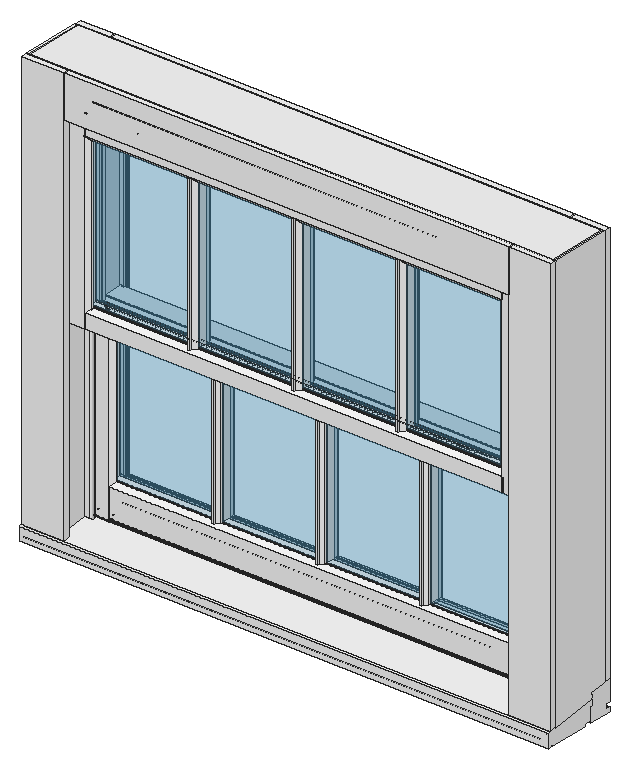
Revit family "B1-44V", category Generic Models, Revit 2012
Parameters (values of type "Window Sill drawing")
  Width = 1250 mm
  Height = 1024 mm
  GlazingPanelMaterial = Glass
  Floor Material = White
Reference planes
  plane 1 "Center (Front/Back)": y = 0
  plane 2: z = 0
  plane 3 "Center (Left/Right)": x = 72
  plane 4: z = 1023.04
  plane 5: x = -800
  plane 6: y = -21.25
  plane 7: y = 152.75
  plane 8: x = -669
  plane 9: y = -21.25
  plane 10: z = 527.56
  plane 11: z = 483.56
  plane 12: z = 923.04
  plane 13: z = 937.04
  plane 14: z = 33
  plane 15: z = 941.04
  plane 16: z = 68
  plane 17: x = 450
  plane 18: x = -419.504
  plane 19: x = -174
  plane 20: z = -98.018
  plane 21: y = 110
  plane 22: y = 110
  plane 23: y = 110
  plane 24: y = 110
  plane 25: y = 110
  plane 26: y = 110
  plane 27: x = -699.921
  plane 28: x = 350
  plane 29: x = 319
  plane 30: x = 368
  plane 31: y = 110
  plane 32: y = 110
  plane 33: y = 110
Forms (mm)
  Extrusion 1, solid, material "White" <- "Floor Material"
    sketch origin (250, 0, 215.855) x (0, 1, 0) y (0, 0, 1)
      loop
        arc (117, 270.705) -> (122.657, 273.048) -> (125, 278.705) r 8
        line (125, 278.705) -> (128, 278.705) -> (128, 283.705) -> (109, 283.705) -> (109, 271.705) -> (112, 271.705) -> (113, 267.705) -> (117, 267.705) -> (117, 270.705)
      loop
        line (105, 279.705) -> (89, 279.705) -> (89, 269.705) -> (105, 269.705) -> (105, 279.705)
      loop
        line (60, 267.705) -> (60, 292.705) -> (54, 292.705) -> (54, 295.705) -> (12, 295.705) -> (12, 311.705) -> (10, 311.705) -> (0, 301.705) -> (0, 267.705) -> (30.175, 267.705) -> (60, 267.705)
      loop
        line (34, 309.705) -> (18, 309.705) -> (18, 299.705) -> (34, 299.705) -> (34, 309.705)
      loop
        arc (55.535, 295.317) -> (54.535, 294.317) -> (55.535, 293.317) r 1
        line (55.535, 293.317) -> (63.035, 293.317) -> (63.035, 297.287) -> (65.092, 294.475)
        arc (65.092, 294.475) -> (66.405, 294.576) -> (66.506, 295.889) r 1.012
        line (66.506, 295.889) -> (63.52, 299.971)
        arc (63.52, 299.971) -> (62.03, 300.495) -> (61.006, 299.293) r 1.396
        line (61.006, 299.293) -> (61.006, 295.317) -> (55.535, 295.317)
    from -917.922 to 69
  Extrusion 2, solid, material "White" <- "Floor Material"
    sketch origin (1015, 13.291, 163.049) x (0, 1, 0) y (0, 0, 1)
      loop
        line (69.709, 336.511) -> (96.209, 336.511) -> (96.209, 364.511) -> (50.709, 364.511) -> (50.709, 359.511) -> (52.709, 349.511) -> (57.709, 349.511) -> (57.709, 339.968) -> (63.93, 339.968) -> (63.93, 336.511) -> (57.709, 336.511) -> (57.709, 320.511) -> (69.709, 320.511) -> (69.709, 336.511)
      loop
        line (53.709, 320.511) -> (53.709, 325.511) -> (51.709, 335.511) -> (46.709, 335.511) -> (46.709, 320.511) -> (53.709, 320.511)
      loop
        line (46.709, 364.511) -> (28.709, 364.511) -> (27.709, 360.511) -> (24.709, 360.511) -> (24.709, 348.511) -> (46.709, 348.511) -> (46.709, 364.511)
      loop
        arc (62.711, 337.238) -> (63.711, 338.238) -> (62.711, 339.238) r 1
        line (62.711, 339.238) -> (55.211, 339.238) -> (55.211, 335.268) -> (53.155, 338.08)
        arc (53.155, 338.08) -> (51.842, 337.979) -> (51.74, 336.666) r 1.012
        line (51.74, 336.666) -> (54.726, 332.584)
        arc (54.726, 332.584) -> (56.216, 332.06) -> (57.241, 333.262) r 1.396
        line (57.241, 333.262) -> (57.241, 337.238) -> (62.711, 337.238)
    from -1684 to -696
  Extrusion 3, solid, material "White" <- "Floor Material"
    sketch origin (865, 123.171, 176.773) x (0, 1, 0) y (0, 0, 1)
      loop
        line (-14.171, 306.296) -> (-10.171, 306.787) -> (-11.171, 310.787) -> (-14.171, 310.787) -> (-14.171, 306.296)
      loop
        line (-38.171, 306.542) -> (-38.171, 309.542) -> (-40.171, 309.787) -> (-40.171, 306.787) -> (-38.171, 306.542)
      loop
        line (-85.171, 351.278) -> (-85.171, 346.787) -> (-82.171, 346.787) -> (-81.171, 350.787) -> (-85.171, 351.278)
      loop
        line (-111.171, 347.787) -> (-109.171, 348.033) -> (-109.171, 351.033) -> (-111.171, 350.787) -> (-111.171, 347.787)
    from -1534 to -546
  Extrusion 4, solid, material "Glass" <- "GlazingPanelMaterial"
    sketch origin (150, 64.106, 220.533) x (0, 1, 0) y (0, 0, 1)
      loop
        line (44.88, -103.528) -> (44.88, 279.027) -> (40.88, 279.027) -> (40.88, -103.528) -> (44.88, -103.528)
      loop
        line (24.88, 279.027) -> (20.88, 279.027) -> (20.88, -103.528) -> (24.88, -103.528) -> (24.88, 279.027)
    from -819 to 169
  Extrusion 5, solid, material "White" <- "Floor Material"
    sketch origin (761.418, 125.498, 522.759) x (0, -0.121869, -0.992546) y (0, 0.992546, -0.121869)
      loop
        line (28.327, -57.65) -> (23.969, -54.354)
        arc (23.969, -54.354) -> (22.506, -54.612) -> (22.765, -56.075) r 1.05
        line (22.765, -56.075) -> (26.332, -58.837)
        arc (26.332, -58.837) -> (26.584, -59.776) -> (25.835, -60.396) r 0.9
        line (25.835, -60.396) -> (19.693, -61.15)
        arc (19.693, -61.15) -> (19.162, -61.383) -> (18.989, -61.936) r 0.7
        line (18.989, -61.936) -> (19.197, -63.633) -> (19.712, -64.398) -> (20.1, -67.562) -> (19.196, -66.76) -> (19.293, -67.554) -> (20.152, -68.225) -> (20.951, -68.183) -> (23.094, -67.324) -> (22.996, -66.53) -> (20.532, -66.978) -> (20.205, -64.315)
        arc (20.205, -64.315) -> (20.389, -63.651) -> (20.989, -63.312) r 0.9
        line (20.989, -63.312) -> (28.761, -62.358)
        arc (28.761, -62.358) -> (29.205, -62.1) -> (29.324, -61.601) r 0.65
        line (29.324, -61.601) -> (28.752, -58.33)
        arc (28.752, -58.33) -> (28.631, -57.932) -> (28.327, -57.65) r 0.798
    from -1430.418 to -1181
  Extrusion 6, solid, material "White" <- "Floor Material"
    sketch origin (911.418, 126.532, 523.994) x (0, -0.121869, -0.992546) y (0, 0.992546, -0.121869)
      loop
        arc (25.38, -55.148) -> (23.778, -55.428) -> (24.057, -57.03) r 1.15
        line (24.057, -57.03) -> (27.62, -59.789)
        arc (27.62, -59.789) -> (27.84, -60.623) -> (27.175, -61.172) r 0.8
        line (27.175, -61.172) -> (20.939, -61.931)
        arc (20.939, -61.931) -> (20.405, -62.232) -> (20.241, -62.823) r 0.8
        line (20.241, -62.823) -> (20.45, -64.52) -> (20.968, -65.312) -> (21.339, -68.337) -> (20.548, -67.635) -> (20.645, -68.429) -> (21.504, -69.1) -> (22.303, -69.058) -> (24.446, -68.2) -> (24.348, -67.406) -> (21.983, -67.835) -> (21.657, -65.178)
        arc (21.657, -65.178) -> (21.82, -64.588) -> (22.353, -64.287) r 0.8
        line (22.353, -64.287) -> (30.127, -63.332)
        arc (30.127, -63.332) -> (30.638, -63.034) -> (30.774, -62.459) r 0.75
        line (30.774, -62.459) -> (30.244, -59.424)
        arc (30.244, -59.424) -> (30.154, -58.918) -> (29.833, -58.516) r 1.042
        line (29.833, -58.516) -> (25.38, -55.148)
    from -1580.418 to -1331
  Extrusion 7, solid, material "White" <- "Floor Material"
    sketch origin (861.418, 121.497, 535.638) x (0, -0.121869, -0.992546) y (0, 0.992546, -0.121869)
      loop
        line (37.899, -55.316) -> (32.161, -55.997)
        arc (32.161, -55.997) -> (31.827, -56.184) -> (31.724, -56.554) r 0.5
        line (31.724, -56.554) -> (32.395, -62.021) -> (31.491, -61.219) -> (31.588, -62.013) -> (32.447, -62.684) -> (33.246, -62.642) -> (35.389, -61.784) -> (35.291, -60.989) -> (32.827, -61.437) -> (32.285, -57.019)
        arc (32.285, -57.019) -> (32.428, -56.659) -> (32.772, -56.479) r 0.558
        line (32.772, -56.479) -> (37.96, -55.818)
        arc (37.96, -55.818) -> (38.179, -55.536) -> (37.899, -55.316) r 0.253
    from -1530.418 to -542.417
  Extrusion 8, solid, material "White" <- "Floor Material"
    sketch origin (-78.582, 5.502, 488.643) x (0, 0.121869, 0.992546) y (0, -0.992546, 0.121869)
      loop
        line (28.327, -57.65) -> (23.969, -54.354)
        arc (23.969, -54.354) -> (22.506, -54.612) -> (22.765, -56.075) r 1.05
        line (22.765, -56.075) -> (26.332, -58.837)
        arc (26.332, -58.837) -> (26.584, -59.776) -> (25.835, -60.396) r 0.9
        line (25.835, -60.396) -> (19.693, -61.15)
        arc (19.693, -61.15) -> (19.162, -61.383) -> (18.989, -61.936) r 0.7
        line (18.989, -61.936) -> (19.197, -63.633) -> (19.712, -64.398) -> (20.1, -67.562) -> (19.196, -66.76) -> (19.293, -67.554) -> (20.152, -68.225) -> (20.951, -68.183) -> (23.094, -67.324) -> (22.996, -66.53) -> (20.532, -66.978) -> (20.205, -64.315)
        arc (20.205, -64.315) -> (20.389, -63.651) -> (20.989, -63.312) r 0.9
        line (20.989, -63.312) -> (28.761, -62.358)
        arc (28.761, -62.358) -> (29.205, -62.1) -> (29.324, -61.601) r 0.65
        line (29.324, -61.601) -> (28.752, -58.33)
        arc (28.752, -58.33) -> (28.631, -57.932) -> (28.327, -57.65) r 0.798
    from -590.418 to 397.583
  Extrusion 9, solid, material "White" <- "Floor Material"
    sketch origin (736.418, 9.503, 475.765) x (0, 0.121869, 0.992546) y (0, -0.992546, 0.121869)
      loop
        line (37.899, -55.316) -> (32.161, -55.997)
        arc (32.161, -55.997) -> (31.827, -56.184) -> (31.724, -56.554) r 0.5
        line (31.724, -56.554) -> (32.395, -62.021) -> (31.491, -61.219) -> (31.588, -62.013) -> (32.447, -62.684) -> (33.246, -62.642) -> (35.389, -61.784) -> (35.291, -60.989) -> (32.827, -61.437) -> (32.285, -57.019)
        arc (32.285, -57.019) -> (32.428, -56.659) -> (32.772, -56.479) r 0.558
        line (32.772, -56.479) -> (37.96, -55.818)
        arc (37.96, -55.818) -> (38.179, -55.536) -> (37.899, -55.316) r 0.253
    from -1405.418 to -417.417
  Extrusion 10, solid, material "White" <- "Floor Material"
    sketch origin (815, 0, 215.855) x (0, 1, 0) y (0, 0, 1)
      loop
        line (38, 299.705) -> (12, 299.705) -> (12, 295.705) -> (38, 295.705) -> (38, 299.705)
      loop
        line (109, 283.705) -> (83, 283.705) -> (83, 279.705) -> (109, 279.705) -> (109, 283.705)
    from -1484 to -1234.582
  Extrusion 11, solid, not visible
    sketch origin (0, 0, 9.375) x (0, 1, 0) y (0, 0, 1)
      loop
        line (94.662, 311.911) -> (94.314, 312.868) -> (95.314, 312.868) -> (93.454, 317.977) -> (86.115, 317.977) -> (85.011, 317.575) -> (64.143, 317.575) -> (64.143, 311.911) -> (94.662, 311.911)
    from 0 to 250
  Extrusion 12, solid, not visible
    sketch origin (0, 0, 9.375) x (0, 1, 0) y (0, 0, 1)
      loop
        line (93.688, 317.334) -> (85.92, 317.334) -> (87.101, 312.926) -> (95.293, 312.926) -> (93.688, 317.334)
      loop
        line (91.853, 322.376) -> (91.853, 328.194)
        arc (91.853, 328.194) -> (91.424, 329.231) -> (90.388, 329.66) r 1.465
        line (90.388, 329.66) -> (71.853, 329.66) -> (71.853, 322.376) -> (91.853, 322.376)
      loop
        line (73.373, 320.598) -> (64.143, 320.598) -> (64.143, 317.575) -> (73.373, 317.575) -> (73.373, 320.598)
      loop
        line (61.169, 311.884) -> (61.169, 316.884) -> (56.169, 316.884)
        arc (56.169, 316.884) -> (53.926, 317.813) -> (52.996, 320.057) r 3.173
        line (52.996, 320.057) -> (52.996, 327.594)
        arc (52.996, 327.594) -> (53.247, 329.284) -> (54.656, 330.25) r 2.138
        line (54.656, 330.25) -> (56.493, 330.25)
        arc (56.493, 330.25) -> (57.939, 329.727) -> (58.925, 328.548) r 2.95
        line (58.925, 328.548) -> (59.306, 324.922) -> (61.24, 324.922) -> (60.612, 330.901)
        arc (60.612, 330.901) -> (59.723, 332.646) -> (57.894, 333.348) r 2.733
        line (57.894, 333.348) -> (52.423, 333.348)
        arc (52.423, 333.348) -> (50.164, 330.795) -> (49.999, 327.391) r 5.139
        line (49.999, 327.391) -> (47.957, 316.884)
        arc (47.957, 316.884) -> (49.179, 314.507) -> (49.698, 311.884) r 9.583
        line (49.698, 311.884) -> (61.169, 311.884)
    from 0 to 250
  Extrusion 13, solid, material "White" <- "Floor Material"
    sketch origin (72, -21.25, 628.291) x (0, 1, 0) y (0, 0, 1)
      loop
        arc (81.5, 305.749) -> (80.621, 307.871) -> (78.5, 308.749) r 3
        line (78.5, 308.749) -> (73.5, 308.749) -> (73.5, 302.749) -> (70.5, 302.749) -> (70.5, 308.749) -> (24.5, 308.749)
        arc (24.5, 308.749) -> (22.379, 307.871) -> (21.5, 305.749) r 3
        line (21.5, 305.749) -> (21.5, 262.749) -> (31.5, 252.749) -> (33.5, 252.749) -> (33.5, 268.749) -> (81.5, 268.749) -> (81.5, 305.749)
    from -741 to 246
  Extrusion 14, solid, material "White" <- "Floor Material"
    sketch origin (50, -21.25, 639.228) x (0, 1, 0) y (0, 0, 1)
      loop
        line (78.5, 268.749) -> (59.5, 268.749) -> (59.5, 256.749) -> (62.5, 256.749) -> (63.5, 252.749) -> (67.5, 252.749) -> (67.5, 255.749)
        arc (67.5, 255.749) -> (73.157, 258.092) -> (75.5, 263.749) r 8
        line (75.5, 263.749) -> (78.5, 263.749) -> (78.5, 268.749)
      loop
        line (67.534, 317.378) -> (63.288, 313.116) -> (63.101, 309.432)
        arc (63.101, 309.432) -> (63.279, 308.951) -> (63.75, 308.749) r 0.65
        line (63.75, 308.749) -> (71.582, 308.749)
        arc (71.582, 308.749) -> (72.219, 308.486) -> (72.482, 307.849) r 0.9
        line (72.482, 307.849) -> (72.482, 305.266) -> (69.639, 305.266) -> (69.639, 304.437) -> (70.5, 304.437) -> (72.582, 304.032) -> (73.5, 304.437) -> (73.5, 308.749) -> (73.4, 310.459)
        arc (73.4, 310.459) -> (73.16, 310.987) -> (72.605, 311.153) r 0.7
        line (72.605, 311.153) -> (66.417, 311.153)
        arc (66.417, 311.153) -> (65.695, 311.514) -> (65.553, 312.309) r 0.9
        line (65.553, 312.309) -> (68.938, 315.817)
        arc (68.938, 315.817) -> (69.016, 317.299) -> (67.534, 317.378) r 1.05
    from -719 to 269
  Extrusion 15, solid, material "White" <- "Floor Material"
    sketch origin (50, -21.25, 628.291) x (0, 1, 0) y (0, 0, 1)
      loop
        line (154, 344.749) -> (154, 388.749) -> (20, 388.749) -> (20, 344.749) -> (154, 344.749)
    from -749.921 to 300
  Extrusion 16, solid, material "Glass" <- "GlazingPanelMaterial"
    sketch origin (0, -6.957, 754.533) x (0, 1, 0) y (0, 0, 1)
      loop
        line (45.207, -226.973) -> (45.207, 138.507) -> (41.207, 138.507) -> (41.207, -226.973) -> (45.207, -226.973)
      loop
        line (24.957, 138.507) -> (20.957, 138.507) -> (20.957, -226.973) -> (24.957, -226.973) -> (24.957, 138.507)
    from -669 to 319
  Extrusion 17, solid, material "White" <- "Floor Material"
    sketch origin (-72.332, 95.318, 1060.525) x (0, 1, 0) y (0, 0, 1)
      loop
        line (-97.368, -115.408) -> (-98.782, -115.408) -> (-98.782, -120.691) -> (-97.368, -120.691) -> (-97.368, -119.602) -> (-97.368, -116.493) -> (-97.368, -115.408)
    from -596.668 to -347.25
  Extrusion 18, solid, material "White" <- "Floor Material"
    sketch origin (50, -21.25, 639.228) x (0, 1, 0) y (0, 0, 1)
      loop
        line (17, 304.499) -> (13, 304.499) -> (13, 301.999) -> (17, 301.999) -> (17, 299.749) -> (20, 299.749) -> (20, 301.694) -> (19.2, 301.694) -> (19.2, 300.606) -> (17.786, 300.606) -> (17.786, 305.893) -> (19.2, 305.893) -> (19.2, 304.804) -> (20, 304.804) -> (20, 306.749) -> (17, 306.749) -> (17, 304.499)
    from -719 to 269
  Extrusion 19, solid, material "White" <- "Floor Material"
    sketch origin (50, -21.25, 639.228) x (0, 1, 0) y (0, 0, 1)
      loop
        line (23.862, 300.393) -> (23.862, 306.074)
        spline (23.862, 306.074) -> (23.6, 305.683) -> (23.284, 305.425) -> (22.922, 305.27) -> (22.524, 305.189) -> (22.101, 305.153) -> (21.66, 305.133) -> (21.213, 305.1) -> (20.767, 305.024) -> (20.334, 304.876) -> (19.922, 304.627) -> (19.541, 304.248) -> (19.2, 303.71)
        line (19.2, 303.71) -> (19.2, 302.476)
        spline (19.2, 302.476) -> (19.558, 301.967) -> (19.948, 301.615) -> (20.362, 301.392) -> (20.792, 301.269) -> (21.23, 301.216) -> (21.669, 301.205) -> (22.099, 301.206) -> (22.515, 301.191) -> (22.906, 301.132) -> (23.267, 300.998) -> (23.588, 300.761) -> (23.862, 300.393)
    from -719 to -224
  Extrusion 20, solid, material "White" <- "Floor Material"
    sketch origin (-22.332, 36.182, 1060.525) x (0, -1, 0) y (0, 0, -1)
      loop
        line (-97.368, 115.408) -> (-97.368, 116.493) -> (-97.368, 119.602) -> (-97.368, 120.691) -> (-98.782, 120.691) -> (-98.782, 115.408) -> (-97.368, 115.408)
    from -646.668 to -397.25
  Extrusion 21, solid, material "White" <- "Floor Material"
    sketch origin (25, 152.75, 639.228) x (0, -1, 0) y (0, 0, -1)
      loop
        spline (23.862, -300.393) -> (23.588, -300.761) -> (23.267, -300.998) -> (22.906, -301.132) -> (22.515, -301.191) -> (22.099, -301.206) -> (21.669, -301.205) -> (21.23, -301.216) -> (20.792, -301.269) -> (20.362, -301.392) -> (19.948, -301.615) -> (19.558, -301.967) -> (19.2, -302.476)
        line (19.2, -302.476) -> (19.2, -303.71)
        spline (19.2, -303.71) -> (19.541, -304.248) -> (19.922, -304.627) -> (20.334, -304.876) -> (20.767, -305.024) -> (21.213, -305.1) -> (21.66, -305.133) -> (22.101, -305.153) -> (22.524, -305.189) -> (22.922, -305.27) -> (23.284, -305.425) -> (23.6, -305.683) -> (23.862, -306.074)
        line (23.862, -306.074) -> (23.862, -300.393)
    from -694 to -444.582
  Extrusion 22, solid, material "White" <- "Floor Material"
    sketch origin (50, 234.566, 755.449) x (0, 1, 0) y (0, 0, 1)
      loop
        line (-222.316, 137.529) -> (-220.566, 137.744) -> (-220.566, 140.529) -> (-222.316, 140.529) -> (-222.316, 137.529)
      loop
        line (-193.316, 140.529) -> (-196.316, 140.529) -> (-196.316, 136.529) -> (-192.316, 136.529) -> (-193.316, 140.529)
    from -719 to -469.582
  Extrusion 23, solid, material "White" <- "Floor Material"
    sketch origin (50, -21.25, 628.291) x (0, 1, 0) y (0, 0, 1)
      loop
        line (174, 312.749) -> (174, 388.749) -> (20, 388.749) -> (20, 329.749) -> (15, 329.749) -> (15, 321.749) -> (20, 321.749) -> (20, 312.749) -> (83, 312.749) -> (83, 319.749) -> (91, 319.749) -> (91, 312.749) -> (174, 312.749)
    from -767.938 to 318.016
  Extrusion 24, solid, material "White" <- "Floor Material"
    sketch origin (-172.332, 69.685, -12.907) x (0, -1, 0) y (0, 0, -1)
      loop
        line (-28.815, -17.907) -> (-28.815, -45.907) -> (-33.815, -45.907) -> (-33.815, -60.907) -> (-28.815, -60.907) -> (92.551, -46.005)
        arc (92.551, -46.005) -> (94.432, -45.015) -> (95.185, -43.027) r 3
        line (95.185, -43.027) -> (95.185, -12.907) -> (90.185, -12.907) -> (90.185, -14.907)
        arc (90.185, -14.907) -> (87.185, -17.907) -> (84.185, -14.907) r 3
        line (84.185, -14.907) -> (84.185, -12.907) -> (-8.815, -12.907) -> (-8.815, -17.907) -> (-28.815, -17.907)
    from -627.668 to 622.332
  Extrusion 25, solid, material "White" <- "Floor Material"
    sketch origin (-172.332, 69.685, 0) x (0, -1, 0) y (0, 0, -1)
      loop
        line (-82.815, 0) -> (-82.815, -10) -> (-72.815, -10) -> (-72.815, -20) -> (-82.815, -20) -> (-82.815, -68) -> (-62.815, -68) -> (-28.815, -63.825) -> (-28.815, -58.913)
        arc (-28.815, -58.913) -> (-31.815, -55.913) -> (-28.815, -52.913) r 3
        line (-28.815, -52.913) -> (-28.815, -48) -> (-33.815, -48) -> (-33.815, -33) -> (-28.815, -33) -> (-28.815, 0) -> (-82.815, 0)
    from -627.668 to 622.332
  Extrusion 26, solid, material "White" <- "Floor Material"
    sketch origin (-172.332, 75.723, -26.266) x (0, -1, 0) y (0, 0, -1)
      loop
        line (-6.277, -76.621) -> (-17.277, -77.972) -> (-17.277, -99.936) -> (-21.277, -99.936) -> (-21.277, -139.271) -> (-7.277, -139.271) -> (-7.277, -155.271) -> (-5.277, -155.271) -> (4.723, -145.271) -> (4.723, -77.246)
        arc (4.723, -77.246) -> (3.711, -74.999) -> (1.357, -74.268) r 3
        line (1.357, -74.268) -> (-3.277, -74.837) -> (-3.277, -82.253) -> (-6.277, -82.253) -> (-6.277, -76.621)
      loop
        line (-55.277, -139.271) -> (-29.277, -139.271) -> (-29.277, -99.936) -> (-33.277, -99.936) -> (-33.277, -94.936) -> (-44.277, -96.287) -> (-44.277, -102.287) -> (-47.277, -102.287) -> (-47.277, -96.655) -> (-52.643, -97.314)
        arc (-52.643, -97.314) -> (-54.524, -98.304) -> (-55.277, -100.292) r 3
        line (-55.277, -100.292) -> (-55.277, -139.271)
    from -495.589 to 490.333
  Extrusion 27, solid, material "White" <- "Floor Material"
    sketch origin (-172.332, 36.806, -33.552) x (0, -1, 0) y (0, 0, -1)
      loop
        line (-97.22, -108.207) -> (-97.22, -106.552) -> (-98.72, -106.552) -> (-98.72, -111.552) -> (-97.22, -111.552) -> (-97.22, -109.898)
        spline (-97.22, -109.898) -> (-96.846, -110.536) -> (-96.419, -110.991) -> (-95.951, -111.297) -> (-95.454, -111.486) -> (-94.941, -111.593) -> (-94.423, -111.65) -> (-93.912, -111.691) -> (-93.422, -111.75) -> (-92.964, -111.859) -> (-92.55, -112.054) -> (-92.193, -112.366) -> (-91.905, -112.83)
        line (-91.905, -112.83) -> (-91.905, -105.274)
        spline (-91.905, -105.274) -> (-92.193, -105.738) -> (-92.55, -106.051) -> (-92.964, -106.245) -> (-93.422, -106.355) -> (-93.912, -106.414) -> (-94.423, -106.455) -> (-94.941, -106.512) -> (-95.454, -106.619) -> (-95.951, -106.808) -> (-96.419, -107.113) -> (-96.846, -107.569) -> (-97.22, -108.207)
    from -496.668 to 491.333
  Extrusion 28, solid, material "White" <- "Floor Material"
    sketch origin (-172.332, 73.367, -7.569) x (0, -1, 0) y (0, 0, -1)
      loop
        line (-54.633, -125.574) -> (-51.633, -125.574)
        arc (-51.633, -125.574) -> (-49.289, -131.23) -> (-43.633, -133.574) r 8
        line (-43.633, -133.574) -> (-43.633, -136.574) -> (-39.633, -136.574) -> (-38.633, -132.574) -> (-35.633, -132.574) -> (-35.633, -120.574) -> (-54.633, -120.574) -> (-54.633, -125.574)
    from -496.668 to 244.332
  Extrusion 29, solid, material "White" <- "Floor Material"
    sketch origin (-172.332, 69.685, 0) x (0, -1, 0) y (0, 0, -1)
      loop
        line (-39.315, -113.004) -> (-39.315, -117.004) -> (-15.315, -117.004) -> (-15.315, -126.25) -> (-13.315, -126.004) -> (-13.315, -113.004) -> (-39.315, -113.004)
    from -496.668 to 491.333
  Extrusion 30, solid, material "White" <- "Floor Material"
    sketch origin (-153.582, 101.098, -13.29) x (0, -1, 0) y (0, 0, -1)
      loop
        line (28.327, -57.65) -> (23.969, -54.354)
        arc (23.969, -54.354) -> (22.506, -54.612) -> (22.765, -56.075) r 1.05
        line (22.765, -56.075) -> (26.332, -58.837)
        arc (26.332, -58.837) -> (26.584, -59.776) -> (25.835, -60.396) r 0.9
        line (25.835, -60.396) -> (19.693, -61.15)
        arc (19.693, -61.15) -> (19.162, -61.383) -> (18.989, -61.936) r 0.7
        line (18.989, -61.936) -> (19.197, -63.633) -> (19.712, -64.398) -> (20.1, -67.562) -> (19.196, -66.76) -> (19.293, -67.554) -> (20.152, -68.225) -> (20.951, -68.183) -> (23.094, -67.324) -> (22.996, -66.53) -> (20.532, -66.978) -> (20.205, -64.315)
        arc (20.205, -64.315) -> (20.389, -63.651) -> (20.989, -63.312) r 0.9
        line (20.989, -63.312) -> (28.761, -62.358)
        arc (28.761, -62.358) -> (29.205, -62.1) -> (29.324, -61.601) r 0.65
        line (29.324, -61.601) -> (28.752, -58.33)
        arc (28.752, -58.33) -> (28.631, -57.932) -> (28.327, -57.65) r 0.798
    from -551.339 to 508.582
  Extrusion 31, solid, material "White" <- "Floor Material"
    sketch origin (-153.582, 113.393, -7.749) x (0, -1, 0) y (0, 0, -1)
      loop
        line (37.899, -55.316) -> (32.161, -55.997)
        arc (32.161, -55.997) -> (31.827, -56.184) -> (31.724, -56.554) r 0.5
        line (31.724, -56.554) -> (32.395, -62.021) -> (31.491, -61.219) -> (31.588, -62.013) -> (32.447, -62.684) -> (33.246, -62.642) -> (35.389, -61.784) -> (35.291, -60.989) -> (32.827, -61.437) -> (32.285, -57.019)
        arc (32.285, -57.019) -> (32.428, -56.659) -> (32.772, -56.479) r 0.558
        line (32.772, -56.479) -> (37.96, -55.818)
        arc (37.96, -55.818) -> (38.179, -55.536) -> (37.899, -55.316) r 0.253
    from -515.418 to 225.582
  Extrusion 32, solid, material "White" <- "Floor Material"
    sketch origin (-172.332, 69.685, 0) x (0, -1, 0) y (0, 0, -1)
      loop
        line (-35.315, -127.004) -> (-19.315, -127.004) -> (-19.315, -117.004) -> (-35.315, -117.004) -> (-35.315, -127.004)
    from -496.668 to 244.332
  Extrusion 33, solid, material "White" <- "Floor Material"
    sketch origin (-153.582, 142.098, 6.744) x (0, -1, 0) y (0, 0, -1)
      loop
        line (28.327, -57.65) -> (23.969, -54.354)
        arc (23.969, -54.354) -> (22.506, -54.612) -> (22.765, -56.075) r 1.05
        line (22.765, -56.075) -> (26.332, -58.837)
        arc (26.332, -58.837) -> (26.584, -59.776) -> (25.835, -60.396) r 0.9
        line (25.835, -60.396) -> (19.693, -61.15)
        arc (19.693, -61.15) -> (19.162, -61.383) -> (18.989, -61.936) r 0.7
        line (18.989, -61.936) -> (19.197, -63.633) -> (19.712, -64.398) -> (20.1, -67.562) -> (19.196, -66.76) -> (19.293, -67.554) -> (20.152, -68.225) -> (20.951, -68.183) -> (23.094, -67.324) -> (22.996, -66.53) -> (20.532, -66.978) -> (20.205, -64.315)
        arc (20.205, -64.315) -> (20.389, -63.651) -> (20.989, -63.312) r 0.9
        line (20.989, -63.312) -> (28.761, -62.358)
        arc (28.761, -62.358) -> (29.205, -62.1) -> (29.324, -61.601) r 0.65
        line (29.324, -61.601) -> (28.752, -58.33)
        arc (28.752, -58.33) -> (28.631, -57.932) -> (28.327, -57.65) r 0.798
    from -515.418 to 472.583
  Extrusion 34, solid, material "White" <- "Floor Material"
    sketch origin (-153.582, 143.45, 5.869) x (0, -1, 0) y (0, 0, -1)
      loop
        arc (25.38, -55.148) -> (23.778, -55.428) -> (24.057, -57.03) r 1.15
        line (24.057, -57.03) -> (27.62, -59.789)
        arc (27.62, -59.789) -> (27.84, -60.623) -> (27.175, -61.172) r 0.8
        line (27.175, -61.172) -> (20.939, -61.931)
        arc (20.939, -61.931) -> (20.405, -62.232) -> (20.241, -62.823) r 0.8
        line (20.241, -62.823) -> (20.45, -64.52) -> (20.968, -65.312) -> (21.339, -68.337) -> (20.548, -67.635) -> (20.645, -68.429) -> (21.504, -69.1) -> (22.303, -69.058) -> (24.446, -68.2) -> (24.348, -67.406) -> (21.983, -67.835) -> (21.657, -65.178)
        arc (21.657, -65.178) -> (21.82, -64.588) -> (22.353, -64.287) r 0.8
        line (22.353, -64.287) -> (30.127, -63.332)
        arc (30.127, -63.332) -> (30.638, -63.034) -> (30.774, -62.459) r 0.75
        line (30.774, -62.459) -> (30.244, -59.424)
        arc (30.244, -59.424) -> (30.154, -58.918) -> (29.833, -58.516) r 1.042
        line (29.833, -58.516) -> (25.38, -55.148)
    from -515.418 to 472.583
  Extrusion 35, solid, material "White" <- "Floor Material"
    sketch origin (-153.582, 154.393, 12.285) x (0, -1, 0) y (0, 0, -1)
      loop
        line (37.899, -55.316) -> (32.161, -55.997)
        arc (32.161, -55.997) -> (31.827, -56.184) -> (31.724, -56.554) r 0.5
        line (31.724, -56.554) -> (32.395, -62.021) -> (31.491, -61.219) -> (31.588, -62.013) -> (32.447, -62.684) -> (33.246, -62.642) -> (35.389, -61.784) -> (35.291, -60.989) -> (32.827, -61.437) -> (32.285, -57.019)
        arc (32.285, -57.019) -> (32.428, -56.659) -> (32.772, -56.479) r 0.558
        line (32.772, -56.479) -> (37.96, -55.818)
        arc (37.96, -55.818) -> (38.179, -55.536) -> (37.899, -55.316) r 0.253
    from -515.418 to 225.582
  Extrusion 36, solid, material "White" <- "Floor Material"
    sketch origin (-172.332, 69.685, 0) x (0, -1, 0) y (0, 0, -1)
      loop
        line (-39.315, -129.495) -> (-39.315, -125.004) -> (-42.315, -125.004) -> (-43.315, -129.004) -> (-39.315, -129.495)
      loop
        line (-15.315, -129.25) -> (-13.315, -129.004) -> (-13.315, -126.004) -> (-15.315, -126.25) -> (-15.315, -129.25)
    from -496.668 to 491.333
  Extrusion 37, solid, material "White" <- "Floor Material"
    sketch origin (-511.418, -643.153, 0) x (1, 0, 0) y (0, 1, 0)
      loop
        line (-280.004, 695.902) -> (-280.004, 650.902) -> (-235.004, 650.902) -> (-235.004, 695.902) -> (-280.004, 695.902)
      loop
        circle (-257.504, 673.402) r 3.5
      loop
        circle (-257.504, 744.402) r 3.5
      loop
        line (-235.004, 766.902) -> (-280.004, 766.902) -> (-280.004, 721.902) -> (-235.004, 721.902) -> (-235.004, 766.902)
      loop
        line (-281.504, 707.402) -> (-233.504, 707.402) -> (-233.504, 710.402) -> (-281.504, 710.402) -> (-281.504, 707.402)
      loop
        line (-206.504, 712.902) -> (-213.504, 712.902) -> (-213.504, 704.902) -> (-192.504, 704.902)
        arc (-192.504, 704.902) -> (-188.504, 708.902) -> (-192.504, 712.902) r 4
        line (-192.504, 712.902) -> (-206.504, 712.902)
    from 33 to 923.04
  Extrusion 38, solid, material "White" <- "Floor Material"
    sketch origin (-511.434, -643.965, 0) x (1, 0, 0) y (0, 1, 0)
      loop
        line (-209.504, 752.402) -> (-254.504, 752.402) -> (-254.504, 736.402) -> (-209.504, 736.402) -> (-209.504, 729.902) -> (-206.504, 729.902) -> (-206.504, 758.902) -> (-209.504, 758.902) -> (-209.504, 752.402)
      loop
        line (-254.504, 681.402) -> (-254.504, 665.402) -> (-209.504, 665.402) -> (-209.504, 658.902) -> (-206.504, 658.902) -> (-206.504, 687.902) -> (-209.504, 687.902) -> (-209.504, 681.402) -> (-254.504, 681.402)
    from 33 to 923.04
  Extrusion 39, solid, material "White" <- "Floor Material"
    sketch origin (-511.418, -571.902, -672) x (1, 0, 0) y (0, 1, 0)
      loop
        line (-156.504, 643.402) -> (-146.504, 653.402) -> (-146.504, 655.402) -> (-162.504, 655.402) -> (-162.504, 703.402) -> (-199.504, 703.402)
        arc (-199.504, 703.402) -> (-201.625, 702.524) -> (-202.504, 700.402) r 3
        line (-202.504, 700.402) -> (-202.504, 679.402) -> (-196.504, 679.402) -> (-196.504, 667.402) -> (-202.504, 667.402) -> (-202.504, 654.402) -> (-196.504, 654.402) -> (-196.504, 651.402) -> (-202.504, 651.402) -> (-202.504, 646.402)
        arc (-202.504, 646.402) -> (-201.625, 644.281) -> (-199.504, 643.402) r 3
        line (-199.504, 643.402) -> (-156.504, 643.402)
    from 717.039 to 1171.56
  Extrusion 40, solid, material "White" <- "Floor Material"
    sketch origin (-511.418, -571.902, -672) x (1, 0, 0) y (0, 1, 0)
      loop
        line (-162.504, 700.402) -> (-162.504, 681.402) -> (-150.504, 681.402) -> (-150.504, 684.402) -> (-146.504, 685.402) -> (-146.504, 689.402) -> (-149.504, 689.402)
        arc (-149.504, 689.402) -> (-151.847, 695.059) -> (-157.504, 697.402) r 8
        line (-157.504, 697.402) -> (-157.504, 700.402) -> (-162.504, 700.402)
    from 705 to 1199.56
  Extrusion 41, solid, not visible
    sketch origin (-848.022, -244.537, 0) x (1, 0, 0) y (0, 1, 0)
      loop
        line (-156.504, 643.402) -> (-146.504, 653.402) -> (-146.504, 655.402) -> (-162.504, 655.402) -> (-162.504, 703.402) -> (-199.504, 703.402)
        arc (-199.504, 703.402) -> (-201.625, 702.524) -> (-202.504, 700.402) r 3
        line (-202.504, 700.402) -> (-202.504, 695.402) -> (-196.504, 695.402) -> (-196.504, 692.402) -> (-202.504, 692.402) -> (-202.504, 679.402) -> (-196.504, 679.402) -> (-196.504, 667.402) -> (-202.504, 667.402) -> (-202.504, 646.402)
        arc (-202.504, 646.402) -> (-201.625, 644.281) -> (-199.504, 643.402) r 3
        line (-199.504, 643.402) -> (-156.504, 643.402)
    from 672 to 1294
  Extrusion 42, solid, not visible
    sketch origin (-848.022, -244.537, 0) x (1, 0, 0) y (0, 1, 0)
      loop
        line (-162.504, 700.402) -> (-162.504, 681.402) -> (-150.504, 681.402) -> (-150.504, 684.402) -> (-146.504, 685.402) -> (-146.504, 689.402) -> (-149.504, 689.402)
        arc (-149.504, 689.402) -> (-151.847, 695.059) -> (-157.504, 697.402) r 8
        line (-157.504, 697.402) -> (-157.504, 700.402) -> (-162.504, 700.402)
    from 672 to 1294
  Extrusion 43, solid, material "White" <- "Floor Material"
    sketch origin (-511.418, -714.403, -40) x (1, 0, 0) y (0, 1, 0)
      loop
        arc (-199.504, 774.402) -> (-201.625, 773.524) -> (-202.504, 771.402) r 3
        line (-202.504, 771.402) -> (-202.504, 766.402) -> (-196.504, 766.402) -> (-196.504, 763.402) -> (-202.504, 763.402) -> (-202.504, 750.402) -> (-196.504, 750.402) -> (-196.504, 738.402) -> (-202.504, 738.402) -> (-202.504, 717.402)
        arc (-202.504, 717.402) -> (-201.625, 715.281) -> (-199.504, 714.402) r 3
        line (-199.504, 714.402) -> (-156.504, 714.402) -> (-146.504, 724.402) -> (-146.504, 726.402) -> (-162.504, 726.402) -> (-162.504, 774.402) -> (-199.504, 774.402)
    from 523.56 to 977.04
  Extrusion 44, solid, material "White" <- "Floor Material"
    sketch origin (-511.418, -714.403, -85) x (1, 0, 0) y (0, 1, 0)
      loop
        line (-157.504, 771.402) -> (-162.504, 771.402) -> (-162.504, 752.402) -> (-150.504, 752.402) -> (-150.504, 755.402) -> (-146.504, 756.402) -> (-146.504, 760.402) -> (-149.504, 760.402)
        arc (-149.504, 760.402) -> (-151.847, 766.059) -> (-157.504, 768.402) r 8
        line (-157.504, 768.402) -> (-157.504, 771.402)
    from 568.56 to 1022.04
  Extrusion 45, solid, material "White" <- "Floor Material"
    sketch origin (-511.418, 774.897, -660) x (1, 0, 0) y (0, 1, 0)
      loop
        arc (-204.331, -687.749) -> (-207.239, -689.467) -> (-208.592, -692.561) r 5.492
        arc (-208.592, -692.561) -> (-208.577, -693.238) -> (-207.9, -693.253) r 0.49
        line (-207.9, -693.253) -> (-207.702, -692.118)
        arc (-207.702, -692.118) -> (-206.44, -689.941) -> (-204.202, -688.789) r 4.477
        arc (-204.202, -688.789) -> (-203.814, -688.735) -> (-203.578, -688.421) r 0.511
        line (-203.578, -688.421) -> (-203.578, -686.619)
        arc (-203.578, -686.619) -> (-203.274, -687.204) -> (-203.257, -687.863) r 1.462
        line (-203.257, -687.863) -> (-203.257, -695.734)
        arc (-203.257, -695.734) -> (-202.89, -696.174) -> (-202.523, -695.734) r 0.373
        line (-202.523, -695.734) -> (-202.523, -693.221) -> (-200.345, -693.221) -> (-201.733, -694.086) -> (-199.555, -694.086) -> (-198.017, -693.779) -> (-198.017, -692.744)
        arc (-198.017, -692.744) -> (-198.357, -692.518) -> (-198.75, -692.402) r 1.365
        line (-198.75, -692.402) -> (-202.504, -692.402) -> (-202.504, -686.348)
        arc (-202.504, -686.348) -> (-203.437, -685.545) -> (-204.331, -686.391) r 0.919
        line (-204.331, -686.391) -> (-204.331, -687.749)
    from 660 to 1282
  Extrusion 46, solid, material "White" <- "Floor Material"
    sketch origin (-511.418, 774.402, -60) x (1, 0, 0) y (0, 1, 0)
      loop
        line (-204.331, -730.055) -> (-204.331, -731.414)
        arc (-204.331, -731.414) -> (-203.437, -732.26) -> (-202.504, -731.457) r 0.919
        line (-202.504, -731.457) -> (-202.504, -725.402) -> (-198.44, -725.402)
        arc (-198.44, -725.402) -> (-197.968, -724.672) -> (-198.44, -723.941) r 0.802
        line (-198.44, -723.941) -> (-199.555, -723.719) -> (-201.729, -723.719) -> (-201.113, -724.274) -> (-200.345, -724.584) -> (-202.523, -724.584) -> (-202.523, -722.012)
        arc (-202.523, -722.012) -> (-202.923, -721.612) -> (-203.323, -722.012) r 0.4
        line (-203.323, -722.012) -> (-203.323, -731.425) -> (-203.578, -730.607) -> (-203.578, -729.384)
        arc (-203.578, -729.384) -> (-203.814, -729.07) -> (-204.202, -729.016) r 0.511
        arc (-204.202, -729.016) -> (-206.634, -727.667) -> (-207.8, -725.142) r 4.477
        arc (-207.8, -725.142) -> (-208.241, -724.845) -> (-208.592, -725.244) r 0.402
        arc (-208.592, -725.244) -> (-207.239, -728.338) -> (-204.331, -730.055) r 5.492
    from 638 to 997.04
  Extrusion 47, solid, not visible
    sketch origin (-511.418, -643.152, -230) x (1, 0, 0) y (0, 1, 0)
      loop
        line (-200.504, 641.902) -> (-200.504, 638.902) -> (-198.254, 638.902) -> (-198.254, 634.902) -> (-195.818, 634.902) -> (-195.818, 638.902) -> (-193.504, 638.902) -> (-193.504, 641.902) -> (-195.282, 641.902) -> (-195.282, 641.116) -> (-194.482, 641.116) -> (-194.482, 639.814) -> (-199.81, 639.814) -> (-199.81, 641.116) -> (-199.01, 641.116) -> (-199.01, 641.902) -> (-200.504, 641.902)
    from 230 to 852
  Extrusion 48, solid, not visible
    sketch origin (-511.418, -643.152, -140) x (1, 0, 0) y (0, 1, 0)
      loop
        line (-194.482, 639.814) -> (-194.482, 641.116) -> (-199.81, 641.116) -> (-199.81, 639.814) -> (-194.482, 639.814)
    from 140 to 762
  Extrusion 49, solid, not visible
    sketch origin (-511.418, -643.152, 0) x (1, 0, 0) y (0, 1, 0)
      loop
        spline (-199.847, 645.779) -> (-199.478, 645.505) -> (-199.241, 645.183) -> (-199.108, 644.823) -> (-199.048, 644.431) -> (-199.033, 644.016) -> (-199.035, 643.585) -> (-199.023, 643.147) -> (-198.97, 642.709) -> (-198.847, 642.279) -> (-198.624, 641.865) -> (-198.272, 641.475) -> (-197.764, 641.116)
        line (-197.764, 641.116) -> (-196.529, 641.116)
        spline (-196.529, 641.116) -> (-195.991, 641.457) -> (-195.612, 641.839) -> (-195.363, 642.251) -> (-195.215, 642.684) -> (-195.139, 643.129) -> (-195.106, 643.577) -> (-195.086, 644.017) -> (-195.05, 644.441) -> (-194.969, 644.838) -> (-194.814, 645.2) -> (-194.556, 645.517) -> (-194.166, 645.779)
        line (-194.166, 645.779) -> (-199.847, 645.779)
    from 0 to 622
  Extrusion 50, solid, material "White" <- "Floor Material"
    sketch origin (-513.129, -642.215, -140) x (1, 0, 0) y (0, 1, 0)
      loop
        line (-194.482, 777.991) -> (-199.81, 777.991) -> (-199.81, 776.688) -> (-194.482, 776.688) -> (-194.482, 777.991)
    from 140 to 762
  Extrusion 51, solid, material "White" <- "Floor Material"
    sketch origin (-513.129, -642.215, 0) x (1, 0, 0) y (0, 1, 0)
      loop
        line (-199.847, 772.026) -> (-194.166, 772.026)
        spline (-194.166, 772.026) -> (-194.556, 772.288) -> (-194.814, 772.604) -> (-194.969, 772.966) -> (-195.05, 773.364) -> (-195.086, 773.787) -> (-195.106, 774.228) -> (-195.139, 774.675) -> (-195.215, 775.121) -> (-195.363, 775.554) -> (-195.612, 775.966) -> (-195.991, 776.347) -> (-196.529, 776.688)
        line (-196.529, 776.688) -> (-197.764, 776.688)
        spline (-197.764, 776.688) -> (-198.272, 776.33) -> (-198.624, 775.94) -> (-198.847, 775.526) -> (-198.97, 775.096) -> (-199.023, 774.658) -> (-199.035, 774.219) -> (-199.033, 773.789) -> (-199.048, 773.373) -> (-199.108, 772.982) -> (-199.241, 772.621) -> (-199.478, 772.3) -> (-199.847, 772.026)
    from 0 to 622
  Extrusion 52, solid, material "White" <- "Floor Material"
    sketch origin (-509.535, 775.395, -40) x (1, 0, 0) y (0, 1, 0)
      loop
        line (-196.365, -777.429) -> (-197.323, -777.429) -> (-200.433, -777.429) -> (-201.693, -777.429) -> (-201.693, -778.733) -> (-196.365, -778.733) -> (-196.365, -777.429)
    from 618 to 977.04
  Extrusion 53, solid, material "White" <- "Floor Material"
    sketch origin (-509.535, 775.395, -65) x (1, 0, 0) y (0, 1, 0)
      loop
        spline (-201.578, -772.766) -> (-201.21, -773.041) -> (-200.973, -773.362) -> (-200.839, -773.722) -> (-200.779, -774.114) -> (-200.765, -774.529) -> (-200.766, -774.96) -> (-200.755, -775.398) -> (-200.702, -775.836) -> (-200.579, -776.266) -> (-200.356, -776.68) -> (-200.004, -777.07) -> (-199.495, -777.429)
        line (-199.495, -777.429) -> (-198.261, -777.429)
        spline (-198.261, -777.429) -> (-197.722, -777.088) -> (-197.343, -776.707) -> (-197.095, -776.295) -> (-196.947, -775.861) -> (-196.871, -775.416) -> (-196.837, -774.968) -> (-196.817, -774.528) -> (-196.782, -774.104) -> (-196.701, -773.707) -> (-196.546, -773.345) -> (-196.288, -773.028) -> (-195.897, -772.766)
        line (-195.897, -772.766) -> (-201.578, -772.766)
    from 643 to 1002.04
  Extrusion 54, solid, material "White" <- "Floor Material"
    sketch origin (-510.459, 770.224, -40) x (1, 0, 0) y (0, 1, 0)
      loop
        line (-201.463, -771.474) -> (-201.463, -774.474) -> (-199.213, -774.474) -> (-199.213, -778.474) -> (-196.777, -778.474) -> (-196.777, -774.474) -> (-194.463, -774.474) -> (-194.463, -771.474) -> (-196.241, -771.474) -> (-196.241, -772.26) -> (-195.441, -772.26) -> (-195.441, -773.563) -> (-200.769, -773.563) -> (-200.769, -772.26) -> (-199.969, -772.26) -> (-199.969, -771.474) -> (-201.463, -771.474)
    from 618 to 977.04
  Extrusion 55, solid, material "White" <- "Floor Material"
    sketch origin (0, 0, -6) x (0, 1, 0) y (0, 0, 1)
      loop
        line (-21.25, 1029.04) -> (-21.25, 929.04) -> (-1.25, 929.04) -> (-1.25, 934.04) -> (-4.25, 934.04) -> (-4.25, 937.286) -> (-5.069, 937.286) -> (-4.706, 936.29) -> (-5.702, 937.286) -> (-5.702, 936.29) -> (-6.538, 937.286) -> (-6.538, 936.29) -> (-8.25, 937.54) -> (-6.538, 938.79) -> (-6.538, 937.794) -> (-5.702, 938.79) -> (-5.702, 937.794) -> (-4.706, 938.79) -> (-5.069, 937.794) -> (-4.25, 937.794) -> (-4.25, 938.79) -> (-4.25, 941.04) -> (-1.25, 941.04) -> (-1.25, 947.04) -> (-1.25, 956.04) -> (-6.25, 956.04) -> (-6.25, 964.04) -> (-1.25, 964.04) -> (-1.25, 1023.04) -> (-6.25, 1023.04) -> (-6.25, 1029.04) -> (-21.25, 1029.04)
      loop
        line (69.75, 933.04) -> (69.75, 947.04) -> (69.75, 954.04) -> (61.75, 954.04) -> (61.75, 933.04)
        arc (61.75, 933.04) -> (65.75, 929.04) -> (69.75, 933.04) r 4
    from -699.921 to 350
  Extrusion 56, solid, material "White" <- "Floor Material"
    sketch origin (-511.418, -643.152, 0) x (1, 0, 0) y (0, 1, 0)
      loop
        line (-288.504, 795.902) -> (-288.504, 780.902) -> (-206.504, 780.902) -> (-206.504, 795.902) -> (-288.504, 795.902)
    from 68 to 1023.04
  Extrusion 57, solid, material "White" <- "Floor Material"
    sketch origin (-511.418, -643.152, 0) x (1, 0, 0) y (0, 1, 0)
      loop
        line (-288.504, 621.902) -> (-188.504, 621.902) -> (-188.504, 636.902) -> (-288.504, 636.902) -> (-288.504, 621.902)
    from 33 to 1023.04
  Extrusion 58, solid, material "White" <- "Floor Material"
    sketch origin (-421.397, 18.977, 0) x (0, 1, 0) y (0, 0, -1)
      loop
        line (118.773, -68) -> (113.523, -68) -> (79.523, -63.825) -> (79.523, -58.913)
        arc (79.523, -58.913) -> (82.523, -55.913) -> (79.523, -52.913) r 3
        line (79.523, -52.913) -> (79.523, -48) -> (-25.227, -35.138) -> (-25.227, -1023.04) -> (118.773, -1023.04) -> (118.773, -68)
    from 372.603 to 378.603
  Extrusion 59, solid, material "White" <- "Floor Material"
    sketch origin (0, 0, 0) x (0, 1, 0) y (0, 0, 1)
      loop
        line (137.75, 1023.04) -> (-6.25, 1023.04) -> (-6.25, 1017.04) -> (137.75, 1017.04) -> (137.75, 1023.04)
    from -793.921 to 444.079
  Sweep 60, solid, material "White" <- "Floor Material"
    path origin (0, -30, 0) x (1, 0, 0) y (0, 0, 1)
      loop
        line (-717.921, 923.04) -> (-717.921, 68) -> (368, 68) -> (368, 923.04) -> (-717.921, 923.04)
    profile origin (-174.961, -30, 923.04) x (0, 0, 1) y (0, -1, 0)
      loop
        line (-15, -162.75) -> (-15, -176.75)
        arc (-15, -176.75) -> (-9, -182.75) -> (-3, -176.75) r 6
        line (-3, -176.75) -> (0, -176.75) -> (0, -162.75) -> (-15, -162.75)
  Extrusion 61, solid, material "White" <- "Floor Material"
    sketch origin (0, 0, -6) x (0, 1, 0) y (0, 0, 1)
      loop
        line (132.75, 1023.04) -> (132.75, 964.04) -> (137.75, 964.04) -> (137.75, 956.04) -> (132.75, 956.04) -> (132.75, 947.04) -> (152.75, 947.04) -> (152.75, 1029.04) -> (137.75, 1029.04) -> (137.75, 1023.04) -> (132.75, 1023.04)
    from -717.938 to 368.016
  Extrusion 62, solid, material "White" <- "Floor Material"
    sketch origin (-511.417, -643.152, 0) x (1, 0, 0) y (0, 1, 0)
      loop
        line (-232.504, 775.902) -> (-232.504, 641.902) -> (-223.504, 641.902) -> (-223.504, 636.902) -> (-215.504, 636.902) -> (-215.504, 641.902) -> (-206.504, 641.902) -> (-206.504, 775.902) -> (-215.504, 775.902) -> (-215.504, 780.902) -> (-223.504, 780.902) -> (-223.504, 775.902) -> (-232.504, 775.902)
    from 0 to 923.04
  Extrusion 63, solid, material "White" <- "Floor Material"
    sketch origin (-511.418, -571.902, -672) x (1, 0, 0) y (0, 1, 0)
      loop
        line (-162.504, 700.402) -> (-162.504, 681.402) -> (-150.504, 681.402) -> (-150.504, 684.402) -> (-146.504, 685.402) -> (-146.504, 689.402) -> (-149.504, 689.402)
        arc (-149.504, 689.402) -> (-151.847, 695.059) -> (-157.504, 697.402) r 8
        line (-157.504, 697.402) -> (-157.504, 700.402) -> (-162.504, 700.402)
    from 705 to 1595.04
  Extrusion 64, solid, material "White" <- "Floor Material"
    sketch origin (-511.418, -571.902, -292) x (1, 0, 0) y (0, 1, 0)
      loop
        line (-162.504, 643.402) -> (-162.504, 703.402) -> (-199.504, 703.402)
        arc (-199.504, 703.402) -> (-201.625, 702.524) -> (-202.504, 700.402) r 3
        line (-202.504, 700.402) -> (-202.504, 679.402) -> (-196.504, 679.402) -> (-196.504, 667.402) -> (-202.504, 667.402) -> (-202.504, 654.402) -> (-196.504, 654.402) -> (-196.504, 651.402) -> (-202.504, 651.402) -> (-202.504, 646.402)
        arc (-202.504, 646.402) -> (-201.625, 644.281) -> (-199.504, 643.402) r 3
        line (-199.504, 643.402) -> (-162.504, 643.402)
    from 791.56 to 1199.977
  Extrusion 65, solid, material "White" <- "Floor Material"
    sketch origin (-420.706, 16.904, -227.023) x (1, 0, 0) y (0, 1, 0)
      loop
        line (-8.825, 91.096) -> (11.175, 91.096) -> (11.175, 99.096) -> (9.175, 99.096) -> (9.175, 101.596)
        arc (9.175, 101.596) -> (7.469, 106.111) -> (3.675, 109.096) r 9
        line (3.675, 109.096) -> (3.675, 111.096) -> (-1.325, 111.096) -> (-1.325, 109.096)
        arc (-1.325, 109.096) -> (-5.325, 105.779) -> (-6.825, 100.804) r 9
        line (-6.825, 100.804) -> (-6.825, 99.096) -> (-8.825, 99.096) -> (-8.825, 91.096)
      loop
        line (11.175, 62.296) -> (11.175, 65.096) -> (-8.825, 65.096) -> (-8.825, 62.296) -> (-1.325, 54.142) -> (-1.325, 52.142) -> (3.675, 52.142) -> (3.675, 54.142) -> (11.175, 62.296)
    from 356.027 to 710.583
  Extrusion 66, solid, material "White" <- "Floor Material", detail levels fine
    sketch origin (-420.706, -53.846, -227.023) x (1, 0, 0) y (0, 1, 0)
      loop
        line (-8.825, 93.096) -> (11.175, 93.096) -> (11.175, 99.096) -> (9.175, 99.096) -> (9.175, 100.804)
        arc (9.175, 100.804) -> (7.675, 105.779) -> (3.675, 109.096) r 9
        line (3.675, 109.096) -> (3.675, 111.096) -> (-1.325, 111.096) -> (-1.325, 109.096)
        arc (-1.325, 109.096) -> (-5.325, 105.779) -> (-6.825, 100.804) r 9
        line (-6.825, 100.804) -> (-6.825, 99.096) -> (-8.825, 99.096) -> (-8.825, 93.096)
      loop
        line (-8.825, 61.911) -> (-1.376, 53.757) -> (-1.376, 51.757) -> (3.624, 51.757) -> (3.624, 53.757) -> (11.175, 64.711) -> (-8.825, 64.711) -> (-8.825, 61.911)
    from 754.583 to 1118.062
  Extrusion 67, solid, material "White" <- "Floor Material"
    sketch origin (-21.437, 0, -227.023) x (1, 0, 0) y (0, 1, 0)
      loop
        line (-408.094, 34) -> (-408.094, 18) -> (-388.094, 18) -> (-388.094, 34) -> (-408.094, 34)
    from 754.583 to 1108
  Extrusion 68, solid, material "White" <- "Floor Material"
    sketch origin (-21.437, 71, -227.023) x (1, 0, 0) y (0, 1, 0)
      loop
        line (-408.094, 34) -> (-408.094, 18) -> (-388.094, 18) -> (-388.094, 34) -> (-408.094, 34)
    from 356.027 to 710.583
  Extrusion 69, solid, material "White" <- "Floor Material"
    sketch origin (-175.124, 16.904, -227.023) x (1, 0, 0) y (0, 1, 0)
      loop
        line (-8.825, 91.096) -> (11.175, 91.096) -> (11.175, 99.096) -> (9.175, 99.096) -> (9.175, 100.804)
        arc (9.175, 100.804) -> (7.675, 105.779) -> (3.675, 109.096) r 9
        line (3.675, 109.096) -> (3.675, 111.096) -> (-1.325, 111.096) -> (-1.325, 109.096)
        arc (-1.325, 109.096) -> (-5.325, 105.779) -> (-6.825, 100.804) r 9
        line (-6.825, 100.804) -> (-6.825, 99.096) -> (-8.825, 99.096) -> (-8.825, 91.096)
      loop
        line (11.175, 62.296) -> (11.175, 65.096) -> (-8.825, 65.096) -> (-8.825, 62.296) -> (-1.325, 54.142) -> (-1.325, 52.142) -> (3.675, 52.142) -> (3.675, 54.142) -> (11.175, 62.296)
    from 356.027 to 710.583
  Extrusion 70, solid, material "White" <- "Floor Material", detail levels fine
    sketch origin (-175.124, -53.846, -227.023) x (1, 0, 0) y (0, 1, 0)
      loop
        line (-8.825, 93.096) -> (11.175, 93.096) -> (11.175, 99.096) -> (9.175, 99.096) -> (9.175, 101.596)
        arc (9.175, 101.596) -> (7.469, 106.111) -> (3.675, 109.096) r 9
        line (3.675, 109.096) -> (3.675, 111.096) -> (-1.325, 111.096) -> (-1.325, 109.096)
        arc (-1.325, 109.096) -> (-5.119, 106.111) -> (-6.825, 101.596) r 9
        line (-6.825, 101.596) -> (-6.825, 99.096) -> (-8.825, 99.096) -> (-8.825, 93.096)
      loop
        line (-8.825, 61.911) -> (-1.376, 53.757) -> (-1.376, 51.757) -> (3.624, 51.757) -> (3.624, 53.757) -> (11.175, 64.711) -> (-8.825, 64.711) -> (-8.825, 61.911)
    from 754.583 to 1118.062
  Extrusion 71, solid, material "White" <- "Floor Material"
    sketch origin (224.145, 0, -227.023) x (1, 0, 0) y (0, 1, 0)
      loop
        line (-408.094, 34) -> (-408.094, 18) -> (-388.094, 18) -> (-388.094, 34) -> (-408.094, 34)
    from 754.583 to 1108
  Extrusion 72, solid, material "White" <- "Floor Material"
    sketch origin (224.145, 71, -227.023) x (1, 0, 0) y (0, 1, 0)
      loop
        line (-408.094, 34) -> (-408.094, 18) -> (-388.094, 18) -> (-388.094, 34) -> (-408.094, 34)
    from 356.027 to 710.583
  Extrusion 73, solid, material "White" <- "Floor Material"
    sketch origin (161.496, -643.153, 0) x (-1, 0, 0) y (0, -1, 0)
      loop
        line (-280.004, -695.902) -> (-235.004, -695.902) -> (-235.004, -650.902) -> (-280.004, -650.902) -> (-280.004, -695.902)
      loop
        circle (-257.504, -673.402) r 3.5
      loop
        circle (-257.504, -744.402) r 3.5
      loop
        line (-235.004, -766.902) -> (-235.004, -721.902) -> (-280.004, -721.902) -> (-280.004, -766.902) -> (-235.004, -766.902)
      loop
        line (-281.504, -707.402) -> (-281.504, -710.402) -> (-233.504, -710.402) -> (-233.504, -707.402) -> (-281.504, -707.402)
      loop
        line (-206.504, -712.902) -> (-192.504, -712.902)
        arc (-192.504, -712.902) -> (-188.504, -708.902) -> (-192.504, -704.902) r 4
        line (-192.504, -704.902) -> (-213.504, -704.902) -> (-213.504, -712.902) -> (-206.504, -712.902)
    from 33 to 923.04
  Extrusion 74, solid, material "White" <- "Floor Material"
    sketch origin (161.513, -643.965, 0) x (-1, 0, 0) y (0, -1, 0)
      loop
        line (-209.504, -752.402) -> (-209.504, -758.902) -> (-206.504, -758.902) -> (-206.504, -729.902) -> (-209.504, -729.902) -> (-209.504, -736.402) -> (-254.504, -736.402) -> (-254.504, -752.402) -> (-209.504, -752.402)
      loop
        line (-254.504, -681.402) -> (-209.504, -681.402) -> (-209.504, -687.902) -> (-206.504, -687.902) -> (-206.504, -658.902) -> (-209.504, -658.902) -> (-209.504, -665.402) -> (-254.504, -665.402) -> (-254.504, -681.402)
    from 33 to 923.04
  Extrusion 75, solid, material "White" <- "Floor Material"
    sketch origin (161.497, -571.902, -672) x (-1, 0, 0) y (0, -1, 0)
      loop
        line (-156.504, -643.402) -> (-199.504, -643.402)
        arc (-199.504, -643.402) -> (-201.625, -644.281) -> (-202.504, -646.402) r 3
        line (-202.504, -646.402) -> (-202.504, -651.402) -> (-196.504, -651.402) -> (-196.504, -654.402) -> (-202.504, -654.402) -> (-202.504, -667.402) -> (-196.504, -667.402) -> (-196.504, -679.402) -> (-202.504, -679.402) -> (-202.504, -700.402)
        arc (-202.504, -700.402) -> (-201.625, -702.524) -> (-199.504, -703.402) r 3
        line (-199.504, -703.402) -> (-162.504, -703.402) -> (-162.504, -655.402) -> (-146.504, -655.402) -> (-146.504, -653.402) -> (-156.504, -643.402)
    from 717.039 to 1171.56
  Extrusion 76, solid, material "White" <- "Floor Material"
    sketch origin (161.497, -571.902, -672) x (-1, 0, 0) y (0, -1, 0)
      loop
        line (-162.504, -700.402) -> (-157.504, -700.402) -> (-157.504, -697.402)
        arc (-157.504, -697.402) -> (-151.847, -695.059) -> (-149.504, -689.402) r 8
        line (-149.504, -689.402) -> (-146.504, -689.402) -> (-146.504, -685.402) -> (-150.504, -684.402) -> (-150.504, -681.402) -> (-162.504, -681.402) -> (-162.504, -700.402)
    from 705 to 1199.56
  Extrusion 77, solid, material "White" <- "Floor Material"
    sketch origin (161.496, -714.403, -40) x (-1, 0, 0) y (0, -1, 0)
      loop
        line (-199.504, -774.402) -> (-162.504, -774.402) -> (-162.504, -726.402) -> (-146.504, -726.402) -> (-146.504, -724.402) -> (-156.504, -714.402) -> (-199.504, -714.402)
        arc (-199.504, -714.402) -> (-201.625, -715.281) -> (-202.504, -717.402) r 3
        line (-202.504, -717.402) -> (-202.504, -738.402) -> (-196.504, -738.402) -> (-196.504, -750.402) -> (-202.504, -750.402) -> (-202.504, -763.402) -> (-196.504, -763.402) -> (-196.504, -766.402) -> (-202.504, -766.402) -> (-202.504, -771.402)
        arc (-202.504, -771.402) -> (-201.625, -773.524) -> (-199.504, -774.402) r 3
    from 523.56 to 977.04
  Extrusion 78, solid, material "White" <- "Floor Material"
    sketch origin (161.496, -714.403, -85) x (-1, 0, 0) y (0, -1, 0)
      loop
        line (-157.504, -771.402) -> (-157.504, -768.402)
        arc (-157.504, -768.402) -> (-151.847, -766.059) -> (-149.504, -760.402) r 8
        line (-149.504, -760.402) -> (-146.504, -760.402) -> (-146.504, -756.402) -> (-150.504, -755.402) -> (-150.504, -752.402) -> (-162.504, -752.402) -> (-162.504, -771.402) -> (-157.504, -771.402)
    from 568.56 to 1022.04
  Extrusion 79, solid, material "White" <- "Floor Material"
    sketch origin (161.496, 774.897, -660) x (-1, 0, 0) y (0, -1, 0)
      loop
        line (-204.331, 687.749) -> (-204.331, 686.391)
        arc (-204.331, 686.391) -> (-203.437, 685.545) -> (-202.504, 686.348) r 0.919
        line (-202.504, 686.348) -> (-202.504, 692.402) -> (-198.75, 692.402)
        arc (-198.75, 692.402) -> (-198.357, 692.518) -> (-198.017, 692.744) r 1.365
        line (-198.017, 692.744) -> (-198.017, 693.779) -> (-199.555, 694.086) -> (-201.733, 694.086) -> (-200.345, 693.221) -> (-202.523, 693.221) -> (-202.523, 695.734)
        arc (-202.523, 695.734) -> (-202.89, 696.174) -> (-203.257, 695.734) r 0.373
        line (-203.257, 695.734) -> (-203.257, 687.863)
        arc (-203.257, 687.863) -> (-203.274, 687.204) -> (-203.578, 686.619) r 1.462
        line (-203.578, 686.619) -> (-203.578, 688.421)
        arc (-203.578, 688.421) -> (-203.814, 688.735) -> (-204.202, 688.789) r 0.511
        arc (-204.202, 688.789) -> (-206.44, 689.941) -> (-207.702, 692.118) r 4.477
        line (-207.702, 692.118) -> (-207.9, 693.253)
        arc (-207.9, 693.253) -> (-208.577, 693.238) -> (-208.592, 692.561) r 0.49
        arc (-208.592, 692.561) -> (-207.239, 689.467) -> (-204.331, 687.749) r 5.492
    from 660 to 1282
  Extrusion 80, solid, material "White" <- "Floor Material"
    sketch origin (161.496, 774.402, -60) x (-1, 0, 0) y (0, -1, 0)
      loop
        arc (-204.331, 730.055) -> (-207.239, 728.338) -> (-208.592, 725.244) r 5.492
        arc (-208.592, 725.244) -> (-208.241, 724.845) -> (-207.8, 725.142) r 0.402
        arc (-207.8, 725.142) -> (-206.634, 727.667) -> (-204.202, 729.016) r 4.477
        arc (-204.202, 729.016) -> (-203.814, 729.07) -> (-203.578, 729.384) r 0.511
        line (-203.578, 729.384) -> (-203.578, 730.607) -> (-203.323, 731.425) -> (-203.323, 722.012)
        arc (-203.323, 722.012) -> (-202.923, 721.612) -> (-202.523, 722.012) r 0.4
        line (-202.523, 722.012) -> (-202.523, 724.584) -> (-200.345, 724.584) -> (-201.113, 724.274) -> (-201.729, 723.719) -> (-199.555, 723.719) -> (-198.44, 723.941)
        arc (-198.44, 723.941) -> (-197.968, 724.672) -> (-198.44, 725.402) r 0.802
        line (-198.44, 725.402) -> (-202.504, 725.402) -> (-202.504, 731.457)
        arc (-202.504, 731.457) -> (-203.437, 732.26) -> (-204.331, 731.414) r 0.919
        line (-204.331, 731.414) -> (-204.331, 730.055)
    from 638 to 997.04
  Extrusion 81, solid, material "White" <- "Floor Material"
    sketch origin (163.208, -642.215, -140) x (-1, 0, 0) y (0, -1, 0)
      loop
        line (-194.482, -777.991) -> (-194.482, -776.688) -> (-199.81, -776.688) -> (-199.81, -777.991) -> (-194.482, -777.991)
    from 140 to 762
  Extrusion 82, solid, material "White" <- "Floor Material"
    sketch origin (163.208, -642.215, 0) x (-1, 0, 0) y (0, -1, 0)
      loop
        spline (-199.847, -772.026) -> (-199.478, -772.3) -> (-199.241, -772.621) -> (-199.108, -772.982) -> (-199.048, -773.373) -> (-199.033, -773.789) -> (-199.035, -774.219) -> (-199.023, -774.658) -> (-198.97, -775.096) -> (-198.847, -775.526) -> (-198.624, -775.94) -> (-198.272, -776.33) -> (-197.764, -776.688)
        line (-197.764, -776.688) -> (-196.529, -776.688)
        spline (-196.529, -776.688) -> (-195.991, -776.347) -> (-195.612, -775.966) -> (-195.363, -775.554) -> (-195.215, -775.121) -> (-195.139, -774.675) -> (-195.106, -774.228) -> (-195.086, -773.787) -> (-195.05, -773.364) -> (-194.969, -772.966) -> (-194.814, -772.604) -> (-194.556, -772.288) -> (-194.166, -772.026)
        line (-194.166, -772.026) -> (-199.847, -772.026)
    from 0 to 622
  Extrusion 83, solid, material "White" <- "Floor Material"
    sketch origin (159.614, 775.395, -40) x (-1, 0, 0) y (0, -1, 0)
      loop
        line (-196.365, 777.429) -> (-196.365, 778.733) -> (-201.693, 778.733) -> (-201.693, 777.429) -> (-200.433, 777.429) -> (-197.323, 777.429) -> (-196.365, 777.429)
    from 618 to 977.04
  Extrusion 84, solid, material "White" <- "Floor Material"
    sketch origin (159.614, 775.395, -65) x (-1, 0, 0) y (0, -1, 0)
      loop
        line (-201.578, 772.766) -> (-195.897, 772.766)
